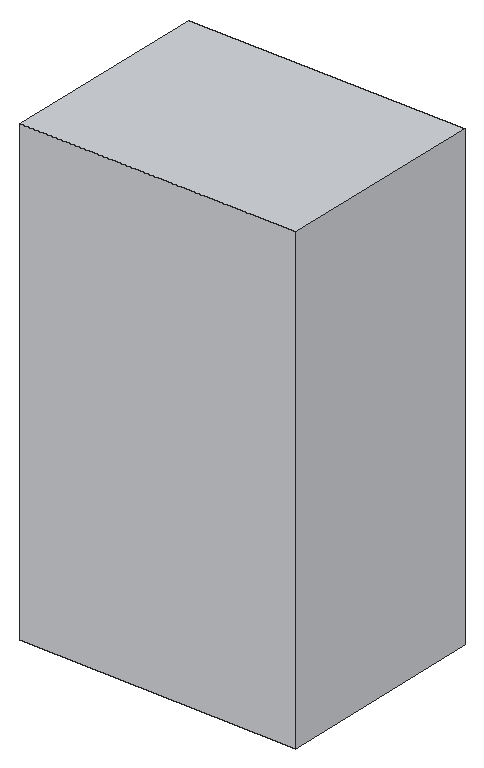
Revit family
Parameters
  Warranty Duration (Years) = 0
  Unit Length [instance] = 1' - 6"
  URL = "http://www.americanspecialties.com/viewCategories.cfm"
  Body Material = Metal - Stainless Steel
  Test Data = ""
  Trim Material = Metal - Stainless Steel
  Specification = "http://www.arcat.com/sdspecs/htm/10810asi.htm"
  SpecWizard = ""
  Send Message = "http://www.arcat.com/users.pl?action=UserEmail&company=American%20Specialties,%20Inc.&coid=30448&rep=139&fax=914-476-0688&mf="
  Sales Information = "http://www.americanspecialties.com/contact"
  Revision = "R1_10-2010"
  Product Properties = "http://www.americanspecialties.com/datasheets/7380.pdf"
  Product Data = "http://www.arcat.com/arcatcos/cos30/arc30448.html"
  Model = "As Specified in 10 28 13"
  Manufacturer Website = "http://www.americanspecialties.com/viewCategories.cfm"
  Manufacturer Phone - Toll Free = ""
  Manufacturer Phone = "914-476-9000 "
  Manufacturer Fax = "914-476-0688"
  Manufacturer Address = "441 Saw Mill River Rd., Yonkers, NY 10701"
  Manufacturer = "American Specialties, Inc."
  Maintenance Schedule (Months) = 0
  Keynote = "10 28 13"
  Installation-Fabrication = "http://www.americanspecialties.com/products.cfm"
  Green Building-LEED = ""
  Expected Lifespan (Years) = 0
  Drawn By = "Robert S. Weygant. CSI, CDT, SCIP"  # constant formula
  Description = "Toilet Accessory as Specified in 10 28 13"
  Default Elevation = 4' - 0"
  Copyright = "©Arcat Inc."
  Construction Details = "http://www.arcat.com/green/clients/leed_data_30448.html"
  Building Codes = "http://www.americanspecialties.com/products.cfm"
  Assembly Code = "C1030210"
Reference planes (in)
  plane 1 "Center (Front/Back)": y = -0.29112
  plane 2 "Floor Line": z = 0
  plane 3 "Center (Left/Right)": x = -0.65843
  plane 4: x = -8.65843
  plane 5: x = 7.34157
  plane 6: z = 0.4375
  plane 7: x = -9.65843
  plane 8: x = 8.34157
  plane 9: x = -2.53343
  plane 10: x = 1.21657
  plane 11: z = 6.125
Forms (in)
  Extrusion 1, solid
    sketch origin (-3, -9, -6) x (0, 0, -1) y (1, 0, 0)
      loop
        line (-82, 26) -> (-82, -19.34712) -> (-6, -19.34712) -> (-6, 26) -> (-82, 26)
    from 9 to -25.60721
  Extrusion 2, solid, material "Metal - Stainless Steel" <- "Body Material"
    sketch origin (4.0073, 1.98146, 0) x (1, 0, 0) y (0, 1, 0)
      loop
        arc (-13.54073, -1.27258) -> (-13.62912, -1.30919) -> (-13.66573, -1.39758) r 0.125
        line (-13.66573, -1.39758) -> (-13.66573, -3.14758)
        arc (-13.66573, -3.14758) -> (-13.62912, -3.23597) -> (-13.54073, -3.27258) r 0.125
        line (-13.54073, -3.27258) -> (-11.79073, -3.27258)
        arc (-11.79073, -3.27258) -> (-11.70234, -3.23597) -> (-11.66573, -3.14758) r 0.125
        line (-11.66573, -3.14758) -> (-11.66573, -1.39758)
        arc (-11.66573, -1.39758) -> (-11.70234, -1.30919) -> (-11.79073, -1.27258) r 0.125
        line (-11.79073, -1.27258) -> (-13.54073, -1.27258)
    from 0 to 0.4375
  Extrusion 3, solid, material "Metal - Stainless Steel" <- "Body Material"
    sketch origin (-5.32416, 1.98146, 0) x (-1, 0, 0) y (0, -1, 0)
      loop
        line (-13.54073, 1.27258) -> (-11.79073, 1.27258)
        arc (-11.79073, 1.27258) -> (-11.70234, 1.30919) -> (-11.66573, 1.39758) r 0.125
        line (-11.66573, 1.39758) -> (-11.66573, 3.14758)
        arc (-11.66573, 3.14758) -> (-11.70234, 3.23597) -> (-11.79073, 3.27258) r 0.125
        line (-11.79073, 3.27258) -> (-13.54073, 3.27258)
        arc (-13.54073, 3.27258) -> (-13.62912, 3.23597) -> (-13.66573, 3.14758) r 0.125
        line (-13.66573, 3.14758) -> (-13.66573, 1.39758)
        arc (-13.66573, 1.39758) -> (-13.62912, 1.30919) -> (-13.54073, 1.27258) r 0.125
    from 0 to 0.4375
  Extrusion 4, solid, material "Metal - Stainless Steel" <- "Body Material"
    sketch origin (0, 0, 0) x (1, 0, 0) y (0, 1, 0)
      loop
        line (-8.90843, 0.20888) -> (-8.90843, -0.79112) -> (-8.40843, -0.79112) -> (-8.40843, 0.20888) -> (-8.90843, 0.20888)
    from 0.4375 to 6.125
  Extrusion 5, solid, material "Metal - Stainless Steel" <- "Body Material"
    sketch origin (-1.31687, 0, 0) x (-1, 0, 0) y (0, -1, 0)
      loop
        line (-8.90843, -0.20888) -> (-8.40843, -0.20888) -> (-8.40843, 0.79112) -> (-8.90843, 0.79112) -> (-8.90843, -0.20888)
    from 0.4375 to 6.125
  Extrusion 6, solid, material "Metal - Stainless Steel" <- "Body Material"
    sketch origin (-0.65843, 0.125, 0) x (0, 1, 0) y (0, 0, 1)
      loop
        line (-0.16612, 0.875) -> (-0.16612, 5.75)
        arc (-0.16612, 5.75) -> (-0.29112, 5.875) -> (-0.41612, 5.75) r 0.125
        line (-0.41612, 5.75) -> (-0.41612, 0.875) -> (-0.16612, 0.875)
    from -8 to 8
Dimensions and locks (in)
  equal spacing: plane 8, plane 3 "Center (Left/Right)", plane 7
  "Unit Length": plane 8 to plane 7
  locked: plane 4 to plane 7 at 1
  locked: plane 5 to plane 8 at 1
  aligned and locked: plane 6 to Extrusion 2
  aligned and locked: plane 6 to Extrusion 3
  aligned and locked: Extrusion 5 to plane 6
  aligned and locked: Extrusion 4 to plane 6
  aligned and locked: Extrusion 2 to plane 7
  aligned and locked: Extrusion 3 to plane 8
  aligned and locked: Extrusion 6 to plane 4
  aligned and locked: plane 5 to Extrusion 6
  aligned and locked: plane 11 to Extrusion 5
  aligned and locked: plane 11 to Extrusion 4
Automatic sketch dimensions
  Extrusion 1 sketch curve to Extrusion 1 sketch curve = 6' - 4"
  Extrusion 1 sketch curve to Extrusion 1 sketch curve = 3' - 9.34712"
  Extrusion 2 sketch curve to plane 7 = 0' - 0"
  plane 7 to Extrusion 2 sketch curve = 0' - 0 1/8"  (x2)
  plane 4 to Extrusion 2 sketch curve = 0' - 0 7/8"  (x2)
  Extrusion 2 sketch curve to Extrusion 2 sketch curve = 0' - 0 1/8"
  plane 1 "Center (Front/Back)" to Extrusion 2 sketch curve = 0' - 1"
  Extrusion 2 sketch curve to plane 1 "Center (Front/Back)" = 0' - 0 7/8"
  Extrusion 3 sketch curve to plane 8 = 0' - 0"
  Extrusion 3 sketch curve to plane 8 = 0' - 0 1/8"  (x2)
  plane 5 to Extrusion 3 sketch curve = 0' - 0 7/8"  (x2)
  Extrusion 3 sketch curve to Extrusion 3 sketch curve = 0' - 0 1/8"
  Extrusion 3 sketch curve to plane 1 "Center (Front/Back)" = 0' - 1"
  plane 1 "Center (Front/Back)" to Extrusion 3 sketch curve = 0' - 0 7/8"
  Extrusion 4 sketch curve to plane 4 = 0' - 0 1/4"
  plane 4 to Extrusion 4 sketch curve = 0' - 0 1/4"
  plane 1 "Center (Front/Back)" to Extrusion 4 sketch curve = 0' - 0 1/2"
  Extrusion 4 sketch curve to plane 1 "Center (Front/Back)" = 0' - 0 1/2"
  Extrusion 5 sketch curve to plane 5 = 0' - 0 1/4"
  plane 5 to Extrusion 5 sketch curve = 0' - 0 1/4"
  Extrusion 5 sketch curve to plane 1 "Center (Front/Back)" = 0' - 0 1/2"
  plane 1 "Center (Front/Back)" to Extrusion 5 sketch curve = 0' - 0 1/2"
  Extrusion 6 sketch curve to plane 1 "Center (Front/Back)" = 0' - 0 1/8"
  plane 1 "Center (Front/Back)" to Extrusion 6 sketch curve = 0' - 0"
  plane 6 to Extrusion 6 sketch curve = 0' - 0 7/16"
  Extrusion 6 sketch curve to plane 11 = 0' - 0 3/8"
